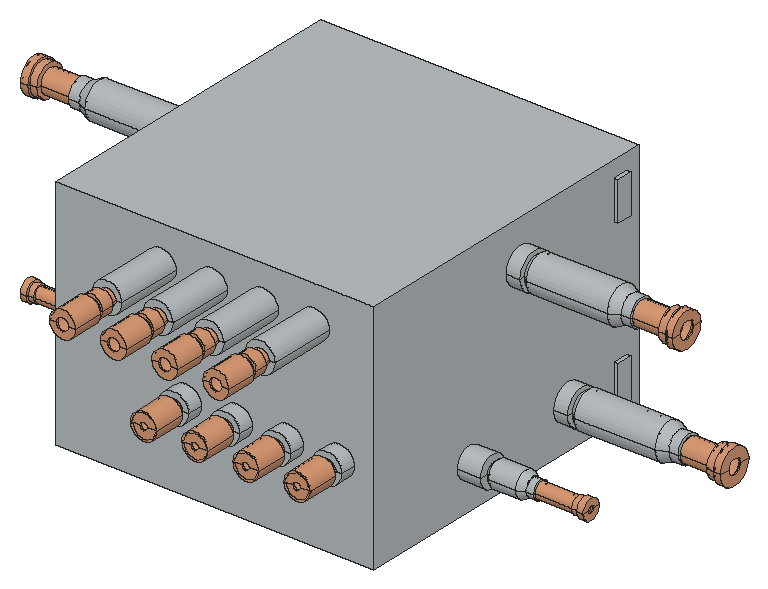
Revit family "bimlib_blokirazvetviteli_vp4_sistemamrv-5-rc_haier", category Оборудование, Revit 2020
Family settings
  Размер круглого соединителя = Использовать диаметр
  Тип детали = Нормальный
  На основе рабочей плоскости = Нет
  Всегда вертикально = Да
  При загрузке вырезать с полостями = Нет
  Общий = Нет
  Точка расчета площади = Нет
Parameters (values of type "VP4-450B_HAIER")
  Частота тока = 50 Hz
  Потребляемая мощность = 45 kW
  Отметка по умолчанию = 0.00 mm
  Изготовитель = [ADSK_Завод-изготовитель]  # "Haier Group"
  Диаметр_Жидкость_Выход = 9.52 mm  # constant formula
  Диаметр_Газ_Выход = 19.05 mm
  Диаметр_Газ_ВыскоеДавление_Выход = 22.22 mm
  Видимость_Зона обслуживания [instance] = no
  Watermark [instance] = "Модели защищены уникальным кодом"
  URL = "www.haier.com"
  Диаметр_Жидкость_Подача = 9.52 mm  # constant formula
  Диаметр_Газ_Подача = 15.88 mm  # constant formula
  HG_URL поставщика = "www.haierproff.ru"
  BL_Разработано = "support@bimlib.pro"
  BL_BIM library = "https://bimlib.pro/manufacturer/company/23806"
  ADSK_Расход жидкости [instance] = 0.0 L/s
  ADSK_Размер_Ширина = 405.00 mm  # constant formula
  ADSK_Размер_Глубина = 421.00 mm  # constant formula
  ADSK_Размер_Высота = 300.00 mm  # constant formula
  ADSK_Полная мощность = ADSK_Номинальная мощность / ADSK_Коэффициент мощности  # 45000 VA
  ADSK_Обозначение = "VP4"  # constant formula
  ADSK_Номинальная мощность = Потребляемая мощность  # 45000 W
  ADSK_Напряжение = 230 V
  ADSK_Наименование краткое = "VP4 Система MRV 5-RC"  # constant formula
  ADSK_Наименование = "Блоки-разветвители VP4 Система MRV 5-RC (с рекуперацией тепла)"  # constant formula
  ADSK_Масса = 18
  ADSK_Коэффициент мощности = 1
  ADSK_Количество фаз = 1
  ADSK_Количество = 1  # constant formula
  ADSK_Код изделия = "VP4-280B"
  ADSK_Классификация нагрузок = ОВК
  ADSK_Завод-изготовитель = "Haier Group"  # constant formula
  ADSK_Единица измерения = "шт."  # constant formula
  ADSK_Группирование = "VP4 Система MRV 5-RC"  # constant formula
  ADSK_Версия Revit = "2017"  # constant formula
  ADSK_URL страницы изделия = ""
  ADSK_URL документации изделия = ""
Reference planes
  plane 1 "По центру (Вперед/Назад)": y = 0
  plane 2 "Низ": z = -115
  plane 3 "По центру (Влево/Вправо)": x = 0
  plane 4 "слева": x = -202.5
  plane 5 "справа": x = 202.5
  plane 6 "Верх план": y = 210.5
  plane 7 "Низ план": y = -210.5
  plane 8 "верх": z = 185
  plane 9 "1": z = -58
  plane 10: x = 415
  plane 11: x = -415
  plane 12 "2": z = 131
  plane 13 "3": z = 138
  plane 14 "4": z = -6
  plane 15: x = 158.5
  plane 16: x = 93.5
  plane 17: x = 28.5
  plane 18: x = -36.5
Forms (mm)
  Extrusion 1, solid, material "BIMLIB_Маталлический_Haier", detail levels medium+fine
    sketch origin (0, 0, -115) x (1, 0, 0) y (0, 1, 0)
      loop
        line (-202.5, 210.5) -> (-202.5, -210.5) -> (202.5, -210.5) -> (202.5, 210.5) -> (-202.5, 210.5)
    from 0 to 300
  Extrusion 2, solid, material "BIMLIB_Маталлический_Haier", detail levels fine
    sketch origin (250.08, 43.029, 12.991) x (0, 0, -1) y (0, 1, 0)
      loop
        line (-152.009, 127.471) -> (-102.009, 127.471) -> (-102.009, 147.471) -> (-152.009, 147.471) -> (-152.009, 127.471)
    from -47.58 to -41.414
  Revolve 3, solid, material "BIMLIB_Медь_Haier", detail levels medium+fine
    sketch origin (0, 0, -58) x (0, 1, 0) y (-1, 0, 0)
      loop
        line (112.5, -357.369) -> (97.5, -357.369) -> (97.5, -358.369) -> (111.5, -358.369) -> (111.5, -396.726) -> (116.5, -396.726) -> (116.5, -406.726) -> (118.5, -406.726) -> (118.5, -414) -> (107.025, -414) -> (107.025, -415) -> (119.5, -415) -> (119.5, -405.726) -> (117.5, -405.726) -> (117.5, -395.726) -> (112.5, -395.726) -> (112.5, -357.369)
      axis (97.5, -357.369) -> (97.5, -415)
    angle from 0 to 360
  Revolve 4, solid, material "BIMLIB_Маталлический_Haier", detail levels medium+fine
    sketch origin (0, 0, 131) x (0, 1, 0) y (-1, 0, 0)
      loop
        line (44.429, -202.5) -> (21.5, -202.5) -> (21.5, -205.5) -> (41.429, -205.5) -> (41.429, -219.34) -> (35.762, -219.34) -> (35.762, -221.402) -> (41.429, -229.495) -> (41.429, -331.656) -> (35.717, -343.906) -> (35.717, -357.369) -> (38.717, -357.369) -> (38.717, -344.571) -> (44.429, -332.321) -> (44.429, -229.495) -> (38.762, -221.402) -> (44.429, -221.402) -> (44.429, -202.5)
      axis (21.5, -202.5) -> (21.5, -357.369)
    angle from 0 to 360
  Revolve 5, solid, material "BIMLIB_Медь_Haier", detail levels medium+fine
    sketch origin (0, 0, 131) x (0, 1, 0) y (-1, 0, 0)
      loop
        line (36.5, -357.369) -> (21.5, -357.369) -> (21.5, -358.369) -> (35.5, -358.369) -> (35.5, -396.726) -> (40.5, -396.726) -> (40.5, -406.726) -> (42.5, -406.726) -> (42.5, -413.726) -> (32.61, -413.726) -> (32.61, -415) -> (43.5, -415) -> (43.5, -405.726) -> (41.5, -405.726) -> (41.5, -395.726) -> (36.5, -395.726) -> (36.5, -357.369)
      axis (21.5, -357.369) -> (21.5, -415)
    angle from 0 to 360
  Revolve 6, solid, material "BIMLIB_Маталлический_Haier", detail levels medium+fine
    sketch origin (0, 0, -58) x (0, 1, 0) y (-1, 0, 0)
      loop
        line (120.429, -202.5) -> (97.5, -202.5) -> (97.5, -205.5) -> (117.429, -205.5) -> (117.429, -219.34) -> (111.762, -219.34) -> (111.762, -221.402) -> (117.429, -229.495) -> (117.429, -331.656) -> (111.717, -343.906) -> (111.717, -357.369) -> (114.717, -357.369) -> (114.717, -344.571) -> (120.429, -332.321) -> (120.429, -229.495) -> (114.762, -221.402) -> (120.429, -221.402) -> (120.429, -202.5)
      axis (97.5, -202.5) -> (97.5, -357.369)
    angle from 0 to 360
  Revolve 7, solid, material "BIMLIB_Маталлический_Haier", detail levels medium+fine
    sketch origin (0, 0, -58) x (0, 1, 0) y (-1, 0, 0)
      loop
        line (-40.701, -202.5) -> (-59.75, -202.5) -> (-59.75, -205.5) -> (-43.701, -205.5) -> (-43.701, -230.137) -> (-55.358, -230.137) -> (-45.895, -241.415) -> (-45.895, -274.43) -> (-49.511, -280.692) -> (-49.511, -294.457) -> (-48.511, -294.457) -> (-48.511, -284.457) -> (-43.511, -275.797) -> (-43.511, -240.797) -> (-49.939, -233.137) -> (-40.701, -233.137) -> (-40.701, -202.5)
      axis (-59.75, -202.5) -> (-59.75, -294.457)
    angle from 0 to 360
  Revolve 8, solid, material "BIMLIB_Медь_Haier", detail levels medium+fine
    sketch origin (0, 0, -58) x (0, 1, 0) y (-1, 0, 0)
      loop
        line (-50.254, -294.457) -> (-54.558, -294.457) -> (-54.558, -295.457) -> (-52.254, -295.457) -> (-52.254, -344.55) -> (-51.254, -344.55) -> (-51.254, -352.191) -> (-49.254, -352.191) -> (-49.254, -357.191) -> (-54.99, -357.191) -> (-54.99, -358.191) -> (-47.254, -358.191) -> (-47.254, -350.191) -> (-49.254, -350.191) -> (-49.254, -342.55) -> (-50.254, -342.55) -> (-50.254, -294.457)
      axis (-59.75, -294.457) -> (-59.75, -358.191)
    angle from 0 to 360
  Revolve 9, solid, material "BIMLIB_Маталлический_Haier", detail levels medium+fine
    sketch origin (0, 0, 131) x (0, 1, 0) y (1, 0, 0)
      loop
        line (44.429, -202.5) -> (21.5, -202.5) -> (21.5, -205.5) -> (41.429, -205.5) -> (41.429, -219.34) -> (35.762, -219.34) -> (35.762, -221.402) -> (41.429, -229.495) -> (41.429, -331.656) -> (35.717, -343.906) -> (35.717, -357.369) -> (38.717, -357.369) -> (38.717, -344.571) -> (44.429, -332.321) -> (44.429, -229.495) -> (38.762, -221.402) -> (44.429, -221.402) -> (44.429, -202.5)
      axis (21.5, -202.5) -> (21.5, -357.369)
    angle from 0 to 360
  Revolve 10, solid, material "BIMLIB_Маталлический_Haier", detail levels medium+fine
    sketch origin (0, 0, -58) x (0, 1, 0) y (1, 0, 0)
      loop
        line (120.429, -202.5) -> (97.5, -202.5) -> (97.5, -205.5) -> (117.429, -205.5) -> (117.429, -219.34) -> (111.762, -219.34) -> (111.762, -221.402) -> (117.429, -229.495) -> (117.429, -331.656) -> (111.717, -343.906) -> (111.717, -357.369) -> (114.717, -357.369) -> (114.717, -344.571) -> (120.429, -332.321) -> (120.429, -229.495) -> (114.762, -221.402) -> (120.429, -221.402) -> (120.429, -202.5)
      axis (97.5, -202.5) -> (97.5, -357.369)
    angle from 0 to 360
  Revolve 11, solid, material "BIMLIB_Маталлический_Haier", detail levels medium+fine
    sketch origin (0, 0, -58) x (0, 1, 0) y (1, 0, 0)
      loop
        line (-40.701, -202.5) -> (-59.75, -202.5) -> (-59.75, -205.5) -> (-43.701, -205.5) -> (-43.701, -230.137) -> (-55.358, -230.137) -> (-45.895, -241.415) -> (-45.895, -274.43) -> (-49.511, -280.692) -> (-49.511, -294.457) -> (-48.511, -294.457) -> (-48.511, -284.457) -> (-43.511, -275.797) -> (-43.511, -240.797) -> (-49.939, -233.137) -> (-40.701, -233.137) -> (-40.701, -202.5)
      axis (-59.75, -202.5) -> (-59.75, -294.457)
    angle from 0 to 360
  Extrusion 12, solid, material "BIMLIB_Маталлический_Haier", detail levels fine
    sketch origin (250.08, 43.029, 57.009) x (0, 0, 1) y (0, -1, 0)
      loop
        line (-152.009, -127.471) -> (-152.009, -147.471) -> (-102.009, -147.471) -> (-102.009, -127.471) -> (-152.009, -127.471)
    from -47.58 to -41.414
  Revolve 13, solid, material "BIMLIB_Маталлический_Haier", detail levels medium+fine
    sketch origin (0, 0, 138) x (-1, 0, 0) y (0, -1, 0)
      loop
        line (49.451, 210.962) -> (68.5, 210.962) -> (68.5, 213.962) -> (52.451, 213.962) -> (52.451, 292.44) -> (68.5, 292.44) -> (68.5, 295.962) -> (49.451, 295.962) -> (49.451, 210.962)
      axis (68.5, 210.962) -> (68.5, 295.962)
    angle from 0 to 360
  Revolve 14, solid, material "BIMLIB_Маталлический_Haier", detail levels medium+fine
    sketch origin (0, 0, 138) x (-1, 0, 0) y (0, -1, 0)
      loop
        line (-15.549, 210.962) -> (3.5, 210.962) -> (3.5, 213.962) -> (-12.549, 213.962) -> (-12.549, 292.44) -> (3.5, 292.44) -> (3.5, 295.962) -> (-15.549, 295.962) -> (-15.549, 210.962)
      axis (3.5, 210.962) -> (3.5, 295.962)
    angle from 0 to 360
  Revolve 15, solid, material "BIMLIB_Маталлический_Haier", detail levels medium+fine
    sketch origin (0, 0, 138) x (-1, 0, 0) y (0, -1, 0)
      loop
        line (-80.549, 210.962) -> (-61.5, 210.962) -> (-61.5, 213.962) -> (-77.549, 213.962) -> (-77.549, 292.44) -> (-61.5, 292.44) -> (-61.5, 295.962) -> (-80.549, 295.962) -> (-80.549, 210.962)
      axis (-61.5, 210.962) -> (-61.5, 295.962)
    angle from 0 to 360
  Revolve 16, solid, material "BIMLIB_Маталлический_Haier", detail levels medium+fine
    sketch origin (0, 0, 138) x (-1, 0, 0) y (0, -1, 0)
      loop
        line (-145.549, 210.962) -> (-126.5, 210.962) -> (-126.5, 213.962) -> (-142.549, 213.962) -> (-142.549, 292.44) -> (-126.5, 292.44) -> (-126.5, 295.962) -> (-145.549, 295.962) -> (-145.549, 210.962)
      axis (-126.5, 210.962) -> (-126.5, 295.962)
    angle from 0 to 360
  Revolve 17, solid, material "BIMLIB_Медь_Haier", detail levels medium+fine
    sketch origin (0, -85, 138) x (-1, 0, 0) y (0, -1, 0)
      loop
        line (57.857, 210.962) -> (68.5, 210.962) -> (68.5, 213.962) -> (60.857, 213.962) -> (60.857, 221.962) -> (54.857, 221.962) -> (54.857, 234.962) -> (58.857, 234.962) -> (58.857, 243.962) -> (52.857, 243.962) -> (52.857, 280.5) -> (60.56, 280.5) -> (60.56, 281.5) -> (51.857, 281.5) -> (51.857, 242.962) -> (57.857, 242.962) -> (57.857, 235.962) -> (53.857, 235.962) -> (53.857, 220.962) -> (57.857, 220.962) -> (57.857, 210.962)
      axis (68.5, 210.962) -> (68.5, 281.5)
    angle from 0 to 360
  Revolve 18, solid, material "BIMLIB_Маталлический_Haier", detail levels medium+fine
    sketch origin (267, 0, -6) x (-1, 0, 0) y (0, -1, 0)
      loop
        line (89.451, 210.962) -> (108.5, 210.962) -> (108.5, 213.962) -> (92.451, 213.962) -> (92.451, 226.25) -> (108.5, 226.25) -> (108.5, 229.946) -> (89.451, 229.946) -> (89.451, 210.962)
      axis (108.5, 210.962) -> (108.5, 229.946)
    angle from 0 to 360
  Revolve 19, solid, material "BIMLIB_Маталлический_Haier", detail levels medium+fine
    sketch origin (202, 0, -6) x (-1, 0, 0) y (0, -1, 0)
      loop
        line (89.451, 210.962) -> (108.5, 210.962) -> (108.5, 213.962) -> (92.451, 213.962) -> (92.451, 226.25) -> (108.5, 226.25) -> (108.5, 229.946) -> (89.451, 229.946) -> (89.451, 210.962)
      axis (108.5, 210.962) -> (108.5, 229.946)
    angle from 0 to 360
  Revolve 20, solid, material "BIMLIB_Маталлический_Haier", detail levels medium+fine
    sketch origin (137, 0, -6) x (-1, 0, 0) y (0, -1, 0)
      loop
        line (89.451, 210.962) -> (108.5, 210.962) -> (108.5, 213.962) -> (92.451, 213.962) -> (92.451, 226.25) -> (108.5, 226.25) -> (108.5, 229.946) -> (89.451, 229.946) -> (89.451, 210.962)
      axis (108.5, 210.962) -> (108.5, 229.946)
    angle from 0 to 360
  Revolve 21, solid, material "BIMLIB_Маталлический_Haier", detail levels medium+fine
    sketch origin (72, 0, -6) x (-1, 0, 0) y (0, -1, 0)
      loop
        line (89.451, 210.962) -> (108.5, 210.962) -> (108.5, 213.962) -> (92.451, 213.962) -> (92.451, 226.25) -> (108.5, 226.25) -> (108.5, 229.946) -> (89.451, 229.946) -> (89.451, 210.962)
      axis (108.5, 210.962) -> (108.5, 229.946)
    angle from 0 to 360
  Revolve 22, solid, material "BIMLIB_Медь_Haier", detail levels medium+fine
    sketch origin (-195, 90.016, -6) x (-1, 0, 0) y (0, -1, 0)
      loop
        line (-169.143, 319.962) -> (-168.143, 319.962) -> (-168.143, 328.962) -> (-174.143, 328.962) -> (-174.143, 366.516) -> (-163.26, 366.516) -> (-163.26, 367.516) -> (-174.143, 367.516) -> (-175.143, 367.516) -> (-175.143, 327.962) -> (-169.143, 327.962) -> (-169.143, 319.962)
      axis (-158.5, 319.962) -> (-158.5, 367.516)
    angle from 0 to 360
  Revolve 23, solid, material "BIMLIB_Медь_Haier", detail levels medium+fine
    sketch origin (65, -85, 138) x (-1, 0, 0) y (0, -1, 0)
      loop
        line (57.857, 210.962) -> (68.5, 210.962) -> (68.5, 213.962) -> (60.857, 213.962) -> (60.857, 221.962) -> (54.857, 221.962) -> (54.857, 234.962) -> (58.857, 234.962) -> (58.857, 243.962) -> (52.857, 243.962) -> (52.857, 280.5) -> (60.56, 280.5) -> (60.56, 281.5) -> (51.857, 281.5) -> (51.857, 242.962) -> (57.857, 242.962) -> (57.857, 235.962) -> (53.857, 235.962) -> (53.857, 220.962) -> (57.857, 220.962) -> (57.857, 210.962)
      axis (68.5, 210.962) -> (68.5, 281.5)
    angle from 0 to 360
  Revolve 24, solid, material "BIMLIB_Медь_Haier", detail levels medium+fine
    sketch origin (130, -85, 138) x (-1, 0, 0) y (0, -1, 0)
      loop
        line (57.857, 210.962) -> (68.5, 210.962) -> (68.5, 213.962) -> (60.857, 213.962) -> (60.857, 221.962) -> (54.857, 221.962) -> (54.857, 234.962) -> (58.857, 234.962) -> (58.857, 243.962) -> (52.857, 243.962) -> (52.857, 280.5) -> (60.56, 280.5) -> (60.56, 281.5) -> (51.857, 281.5) -> (51.857, 242.962) -> (57.857, 242.962) -> (57.857, 235.962) -> (53.857, 235.962) -> (53.857, 220.962) -> (57.857, 220.962) -> (57.857, 210.962)
      axis (68.5, 210.962) -> (68.5, 281.5)
    angle from 0 to 360
  Revolve 25, solid, material "BIMLIB_Медь_Haier", detail levels medium+fine
    sketch origin (195, -85, 138) x (-1, 0, 0) y (0, -1, 0)
      loop
        line (57.857, 210.962) -> (68.5, 210.962) -> (68.5, 213.962) -> (60.857, 213.962) -> (60.857, 221.962) -> (54.857, 221.962) -> (54.857, 234.962) -> (58.857, 234.962) -> (58.857, 243.962) -> (52.857, 243.962) -> (52.857, 280.5) -> (60.56, 280.5) -> (60.56, 281.5) -> (51.857, 281.5) -> (51.857, 242.962) -> (57.857, 242.962) -> (57.857, 235.962) -> (53.857, 235.962) -> (53.857, 220.962) -> (57.857, 220.962) -> (57.857, 210.962)
      axis (68.5, 210.962) -> (68.5, 281.5)
    angle from 0 to 360
  Revolve 26, solid, material "BIMLIB_Медь_Haier", detail levels medium+fine
    sketch origin (-130, 90.016, -6) x (-1, 0, 0) y (0, -1, 0)
      loop
        line (-169.143, 319.962) -> (-168.143, 319.962) -> (-168.143, 328.962) -> (-174.143, 328.962) -> (-174.143, 366.516) -> (-163.26, 366.516) -> (-163.26, 367.516) -> (-174.143, 367.516) -> (-175.143, 367.516) -> (-175.143, 327.962) -> (-169.143, 327.962) -> (-169.143, 319.962)
      axis (-158.5, 319.962) -> (-158.5, 367.516)
    angle from 0 to 360
  Revolve 27, solid, material "BIMLIB_Медь_Haier", detail levels medium+fine
    sketch origin (-65, 90.016, -6) x (-1, 0, 0) y (0, -1, 0)
      loop
        line (-169.143, 319.962) -> (-168.143, 319.962) -> (-168.143, 328.962) -> (-174.143, 328.962) -> (-174.143, 366.516) -> (-163.26, 366.516) -> (-163.26, 367.516) -> (-174.143, 367.516) -> (-175.143, 367.516) -> (-175.143, 327.962) -> (-169.143, 327.962) -> (-169.143, 319.962)
      axis (-158.5, 319.962) -> (-158.5, 367.516)
    angle from 0 to 360
  Revolve 28, solid, material "BIMLIB_Медь_Haier", detail levels medium+fine
    sketch origin (0, 90.016, -6) x (-1, 0, 0) y (0, -1, 0)
      loop
        line (-169.143, 319.962) -> (-168.143, 319.962) -> (-168.143, 328.962) -> (-174.143, 328.962) -> (-174.143, 366.516) -> (-163.26, 366.516) -> (-163.26, 367.516) -> (-174.143, 367.516) -> (-175.143, 367.516) -> (-175.143, 327.962) -> (-169.143, 327.962) -> (-169.143, 319.962)
      axis (-158.5, 319.962) -> (-158.5, 367.516)
    angle from 0 to 360
  Revolve 29, solid, material "BIMLIB_Медь_Haier", detail levels medium+fine
    sketch origin (0, 0, -58) x (0, 1, 0) y (1, 0, 0)
      loop
        line (112.5, -357.369) -> (97.5, -357.369) -> (97.5, -358.369) -> (111.5, -358.369) -> (111.5, -396.726) -> (116.5, -396.726) -> (116.5, -406.726) -> (118.5, -406.726) -> (118.5, -414) -> (107.025, -414) -> (107.025, -415) -> (119.5, -415) -> (119.5, -405.726) -> (117.5, -405.726) -> (117.5, -395.726) -> (112.5, -395.726) -> (112.5, -357.369)
      axis (97.5, -357.369) -> (97.5, -415)
    angle from 0 to 360
  Revolve 30, solid, material "BIMLIB_Медь_Haier", detail levels medium+fine
    sketch origin (0, 0, 131) x (0, 1, 0) y (1, 0, 0)
      loop
        line (36.5, -357.369) -> (21.5, -357.369) -> (21.5, -358.369) -> (35.5, -358.369) -> (35.5, -396.726) -> (40.5, -396.726) -> (40.5, -406.726) -> (42.5, -406.726) -> (42.5, -413.726) -> (32.61, -413.726) -> (32.61, -415) -> (43.5, -415) -> (43.5, -405.726) -> (41.5, -405.726) -> (41.5, -395.726) -> (36.5, -395.726) -> (36.5, -357.369)
      axis (21.5, -357.369) -> (21.5, -415)
    angle from 0 to 360
  Revolve 31, solid, material "BIMLIB_Медь_Haier", detail levels medium+fine
    sketch origin (0, 0, -58) x (0, 1, 0) y (1, 0, 0)
      loop
        line (-50.254, -294.457) -> (-54.558, -294.457) -> (-54.558, -295.457) -> (-52.254, -295.457) -> (-52.254, -344.55) -> (-51.254, -344.55) -> (-51.254, -352.191) -> (-49.254, -352.191) -> (-49.254, -357.191) -> (-54.99, -357.191) -> (-54.99, -358.191) -> (-47.254, -358.191) -> (-47.254, -350.191) -> (-49.254, -350.191) -> (-49.254, -342.55) -> (-50.254, -342.55) -> (-50.254, -294.457)
      axis (-59.75, -294.457) -> (-59.75, -358.191)
    angle from 0 to 360
Lines and regions (mm)
  Masking region 1, detail levels coarse
    outline origin (91.772, 131.064, -115) x (1, 0, 0) y (0, 1, 0)
      loop
        line (-294.272, 79.436) -> (-294.272, -341.564) -> (110.728, -341.564) -> (110.728, 79.436) -> (-294.272, 79.436)
  symbolic lines, style "УГО"
    curve 1: line (-202.5, 210.5, -115) -> (202.5, 210.5, -115)
    curve 2: line (202.5, 210.5, -115) -> (202.5, -210.5, -115)
    curve 3: line (202.5, -210.5, -115) -> (-202.5, -210.5, -115)
    curve 4: line (-202.5, -210.5, -115) -> (-202.5, 210.5, -115)
  model lines, style "УГО", detail levels coarse
    curve 5: line (202.5, 210.5, 185) -> (202.5, -210.5, 185)
    curve 6: line (202.5, -210.5, 185) -> (202.5, -210.5, -115)
    curve 7: line (202.5, -210.5, -115) -> (202.5, 210.5, -115)
    curve 8: line (202.5, 210.5, -115) -> (202.5, 210.5, 185)
    curve 9: line (-202.5, -210.5, 185) -> (-202.5, 210.5, 185)
    curve 10: line (-202.5, 210.5, 185) -> (-202.5, 210.5, -115)
    curve 11: line (-202.5, 210.5, -115) -> (-202.5, -210.5, -115)
    curve 12: line (-202.5, -210.5, -115) -> (-202.5, -210.5, 185)
    curve 13: line (202.5, 210.5, 185) -> (-202.5, 210.5, 185)
    curve 14: line (-202.5, -210.5, 185) -> (202.5, -210.5, 185)
    curve 15: line (-202.5, 210.5, -115) -> (202.5, 210.5, -115)
    curve 16: line (202.5, -210.5, -115) -> (-202.5, -210.5, -115)
Dimensions and locks
  "ADSK_Размер_Ширина": plane 4 "слева" to plane 5 "справа"
  equal spacing: plane 6 "Верх план", plane 1 "По центру (Вперед/Назад)", plane 7 "Низ план"
  "ADSK_Размер_Глубина": plane 6 "Верх план" to plane 7 "Низ план"
  "ADSK_Размер_Высота": level to plane 8 "верх"
  equal spacing: plane 4 "слева", plane 3 "По центру (Влево/Вправо)", plane 5 "справа"
  plane 9 "1" to level = 57.00 mm
  locked: plane 11 to plane 10 at 830
  Extrusion 2 sketch curve to Extrusion 2 sketch curve = 20.00 mm
  Extrusion 12 sketch curve to Extrusion 12 sketch curve = 20.00 mm
  plane 13 "3" to level = 253.00 mm
  plane 14 "4" to level = 109.00 mm
  Revolve 17 to Extrusion 1 = 155.00 mm
  plane 15 to plane 5 "справа" = 44.00 mm
  plane 16 to plane 15 = 65.00 mm
  plane 17 to plane 16 = 65.00 mm
  plane 18 to plane 17 = 65.00 mm
  aligned and locked: level to plane 2 "Низ"
  aligned and locked: plane 3 "По центру (Влево/Вправо)" to nested 1
  aligned and locked: plane 1 "По центру (Вперед/Назад)" to nested 1
  aligned and locked: plane 4 "слева" to curve 4
  aligned and locked: Masking region 1 to plane 4 "слева"
  aligned and locked: curve 1 to plane 6 "Верх план"
  aligned and locked: curve 2 to plane 5 "справа"
  aligned and locked: plane 5 "справа" to Masking region 1
  aligned and locked: plane 7 "Низ план" to curve 3
  aligned and locked: Masking region 1 to plane 7 "Низ план"
  aligned and locked: Extrusion 1 to level
  aligned and locked: plane 8 "верх" to Extrusion 1
  aligned and locked: plane 6 "Верх план" to Masking region 1
  aligned and locked: Extrusion 1 to plane 7 "Низ план"
  aligned and locked: plane 6 "Верх план" to Extrusion 1
  aligned and locked: Extrusion 1 to plane 4 "слева"
  aligned and locked: plane 5 "справа" to Extrusion 1
  aligned and locked: nested 16 to level
  aligned and locked: nested 16 to plane 3 "По центру (Влево/Вправо)"
Automatic sketch dimensions
  Masking region 1 sketch curve to plane 4 "слева" = 0.00 mm
  Masking region 1 sketch curve to plane 5 "справа" = 0.00 mm
  Masking region 1 sketch curve to plane 7 "Низ план" = 0.00 mm
  Masking region 1 sketch curve to plane 6 "Верх план" = 0.00 mm
  curve 13 to plane 4 "слева" = 0.00 mm
  curve 14 to plane 4 "слева" = 0.00 mm
  curve 14 to plane 5 "справа" = 0.00 mm
  curve 13 to plane 5 "справа" = 0.00 mm
  curve 14 to plane 7 "Низ план" = 0.00 mm
  curve 13 to plane 6 "Верх план" = 0.00 mm
  curve 16 to plane 4 "слева" = 0.00 mm
  curve 15 to plane 4 "слева" = 0.00 mm
  curve 16 to plane 5 "справа" = 0.00 mm
  curve 15 to plane 5 "справа" = 0.00 mm
  curve 16 to plane 7 "Низ план" = 0.00 mm
  curve 15 to plane 6 "Верх план" = 0.00 mm
  curve 12 to plane 7 "Низ план" = 0.00 mm
  curve 11 to level = 0.00 mm
  curve 11 to plane 6 "Верх план" = 0.00 mm
  curve 10 to plane 8 "верх" = 0.00 mm
  curve 5 to plane 7 "Низ план" = 0.00 mm
  curve 7 to level = 0.00 mm
  curve 7 to plane 6 "Верх план" = 0.00 mm
  curve 6 to plane 8 "верх" = 0.00 mm
  Extrusion 1 sketch curve to plane 4 "слева" = 0.00 mm
  Extrusion 1 sketch curve to plane 5 "справа" = 0.00 mm
  Extrusion 1 sketch curve to plane 7 "Низ план" = 0.00 mm
  Extrusion 1 sketch curve to plane 6 "Верх план" = 0.00 mm
  Extrusion 2 sketch curve to plane 8 "верх" = 20.00 mm
  Extrusion 2 sketch curve to plane 12 "2" = 16.00 mm
  Extrusion 2 sketch curve to plane 6 "Верх план" = 40.00 mm
  Revolve 3 sketch curve to plane 10 = 0.00 mm
  Revolve 3 sketch curve to plane 1 "По центру (Вперед/Назад)" = 97.50 mm
  Revolve 3 sketch curve to Revolve 3 sketch curve = 9.525 mm  (x2)
  Revolve 3 sketch curve to Revolve 3 sketch curve = 14.00 mm
  Revolve 3 sketch curve to Revolve 3 sketch curve = 1.00 mm  (x7)
  Revolve 3 sketch curve to Revolve 3 sketch curve = 4.00 mm
  Revolve 3 sketch curve to plane 10 = 1.00 mm
  Revolve 3 sketch curve to Revolve 3 sketch curve = 7.274 mm
  Revolve 3 sketch curve to Revolve 3 sketch curve = 9.00 mm
  Revolve 3 sketch curve to Revolve 3 sketch curve = 37.358 mm
  plane 10 to Revolve 3 sketch curve = 62.50 mm
  Revolve 3 sketch curve to Revolve 3 sketch curve = 9.131 mm
  Revolve 4 sketch curve to plane 5 "справа" = 0.00 mm  (x2)
  Revolve 4 sketch curve to plane 1 "По центру (Вперед/Назад)" = 21.50 mm
  Revolve 4 sketch curve to plane 1 "По центру (Вперед/Назад)" = 35.717 mm
  Revolve 4 sketch curve to Revolve 4 sketch curve = 14.262 mm
  Revolve 4 sketch curve to Revolve 4 sketch curve = 3.00 mm  (x4)
  Revolve 4 sketch curve to Revolve 4 sketch curve = 2.667 mm  (x2)
  plane 5 "справа" to Revolve 4 sketch curve = 3.00 mm
  Revolve 4 sketch curve to Revolve 4 sketch curve = 13.84 mm
  Revolve 4 sketch curve to Revolve 4 sketch curve = 2.062 mm  (x2)
  Revolve 4 sketch curve to Revolve 4 sketch curve = 8.093 mm
  Revolve 4 sketch curve to Revolve 4 sketch curve = 0.00 mm  (x2)
  Revolve 4 sketch curve to plane 10 = 83.344 mm
  Revolve 4 sketch curve to Revolve 4 sketch curve = 0.665 mm  (x2)
  Revolve 4 sketch curve to Revolve 4 sketch curve = 12.25 mm
  Revolve 4 sketch curve to Revolve 4 sketch curve = 12.798 mm
  Revolve 4 sketch curve to Revolve 4 sketch curve = 19.156 mm
  Revolve 5 sketch curve to plane 10 = 0.00 mm
  Revolve 5 sketch curve to plane 1 "По центру (Вперед/Назад)" = 21.50 mm  (x2)
  Revolve 5 sketch curve to plane 1 "По центру (Вперед/Назад)" = 32.61 mm
  Revolve 5 sketch curve to Revolve 5 sketch curve = 14.00 mm
  Revolve 5 sketch curve to Revolve 5 sketch curve = 1.00 mm  (x7)
  Revolve 5 sketch curve to Revolve 5 sketch curve = 4.00 mm
  Revolve 5 sketch curve to plane 10 = 1.274 mm
  Revolve 5 sketch curve to Revolve 5 sketch curve = 7.00 mm
  Revolve 5 sketch curve to Revolve 5 sketch curve = 9.00 mm
  Revolve 5 sketch curve to Revolve 5 sketch curve = 37.358 mm
  plane 10 to Revolve 5 sketch curve = 62.50 mm
  Revolve 5 sketch curve to Revolve 5 sketch curve = 9.131 mm
  Revolve 6 sketch curve to plane 5 "справа" = 0.00 mm  (x2)
  Revolve 6 sketch curve to plane 1 "По центру (Вперед/Назад)" = 97.50 mm
  Revolve 6 sketch curve to plane 6 "Верх план" = 98.783 mm
  Revolve 6 sketch curve to Revolve 6 sketch curve = 14.262 mm
  Revolve 6 sketch curve to Revolve 6 sketch curve = 3.00 mm  (x4)
  Revolve 6 sketch curve to Revolve 6 sketch curve = 2.667 mm  (x2)
  plane 5 "справа" to Revolve 6 sketch curve = 3.00 mm
  Revolve 6 sketch curve to Revolve 6 sketch curve = 13.84 mm
  Revolve 6 sketch curve to Revolve 6 sketch curve = 2.062 mm  (x2)
  Revolve 6 sketch curve to Revolve 6 sketch curve = 8.093 mm
  Revolve 6 sketch curve to Revolve 6 sketch curve = 0.00 mm  (x2)
  Revolve 6 sketch curve to plane 10 = 83.344 mm
  Revolve 6 sketch curve to Revolve 6 sketch curve = 0.665 mm  (x2)
  Revolve 6 sketch curve to Revolve 6 sketch curve = 12.25 mm
  Revolve 6 sketch curve to Revolve 6 sketch curve = 12.798 mm
  Revolve 6 sketch curve to Revolve 6 sketch curve = 19.156 mm
  Revolve 7 sketch curve to plane 5 "справа" = 0.00 mm  (x2)
  plane 1 "По центру (Вперед/Назад)" to Revolve 7 sketch curve = 59.75 mm
  Revolve 7 sketch curve to Revolve 7 sketch curve = 4.392 mm
  Revolve 7 sketch curve to Revolve 7 sketch curve = 5.42 mm
  Revolve 7 sketch curve to Revolve 7 sketch curve = 0.428 mm
  Revolve 7 sketch curve to Revolve 7 sketch curve = 1.00 mm
  Revolve 7 sketch curve to Revolve 7 sketch curve = 4.044 mm
  Revolve 7 sketch curve to Revolve 7 sketch curve = 6.238 mm
  Revolve 7 sketch curve to Revolve 7 sketch curve = 2.384 mm
  Revolve 7 sketch curve to Revolve 7 sketch curve = 3.00 mm  (x2)
  plane 5 "справа" to Revolve 7 sketch curve = 3.00 mm
  Revolve 7 sketch curve to Revolve 7 sketch curve = 24.637 mm
  Revolve 7 sketch curve to Revolve 7 sketch curve = 7.66 mm
  Revolve 7 sketch curve to Revolve 7 sketch curve = 0.618 mm
  Revolve 7 sketch curve to Revolve 7 sketch curve = 33.015 mm
  Revolve 7 sketch curve to Revolve 7 sketch curve = 1.367 mm
  Revolve 7 sketch curve to Revolve 7 sketch curve = 6.263 mm
  Revolve 7 sketch curve to Revolve 7 sketch curve = 3.765 mm
  Revolve 7 sketch curve to Revolve 7 sketch curve = 10.00 mm
  Revolve 7 sketch curve to Revolve 7 sketch curve = 10.239 mm
  Revolve 7 sketch curve to Revolve 7 sketch curve = 18.043 mm
  plane 1 "По центру (Вперед/Назад)" to Revolve 8 sketch curve = 54.99 mm
  plane 1 "По центру (Вперед/Назад)" to Revolve 8 sketch curve = 54.558 mm
  Revolve 8 sketch curve to Revolve 8 sketch curve = 2.304 mm
  Revolve 8 sketch curve to Revolve 8 sketch curve = 1.00 mm  (x4)
  Revolve 8 sketch curve to Revolve 8 sketch curve = 2.00 mm  (x5)
  Revolve 8 sketch curve to plane 10 = 56.809 mm
  Revolve 8 sketch curve to Revolve 8 sketch curve = 5.00 mm
  Revolve 8 sketch curve to Revolve 8 sketch curve = 5.641 mm
  Revolve 8 sketch curve to Revolve 8 sketch curve = 47.093 mm
  Revolve 8 sketch curve to Revolve 8 sketch curve = 5.192 mm
  Revolve 8 sketch curve to Revolve 8 sketch curve = 9.119 mm
  Revolve 8 sketch curve to Revolve 8 sketch curve = 0.00 mm
  Revolve 9 sketch curve to plane 4 "слева" = 0.00 mm  (x2)
  plane 1 "По центру (Вперед/Назад)" to Revolve 9 sketch curve = 21.50 mm
  plane 1 "По центру (Вперед/Назад)" to Revolve 9 sketch curve = 35.717 mm
  Revolve 9 sketch curve to Revolve 9 sketch curve = 14.262 mm
  Revolve 9 sketch curve to Revolve 9 sketch curve = 3.00 mm  (x4)
  Revolve 9 sketch curve to Revolve 9 sketch curve = 2.667 mm  (x2)
  plane 4 "слева" to Revolve 9 sketch curve = 3.00 mm
  Revolve 9 sketch curve to Revolve 9 sketch curve = 13.84 mm
  Revolve 9 sketch curve to Revolve 9 sketch curve = 2.062 mm  (x2)
  Revolve 9 sketch curve to Revolve 9 sketch curve = 8.093 mm
  Revolve 9 sketch curve to Revolve 9 sketch curve = 0.00 mm  (x2)
  Revolve 9 sketch curve to plane 11 = 83.344 mm
  Revolve 9 sketch curve to Revolve 9 sketch curve = 0.665 mm  (x2)
  Revolve 9 sketch curve to Revolve 9 sketch curve = 12.25 mm
  Revolve 9 sketch curve to Revolve 9 sketch curve = 12.798 mm
  Revolve 9 sketch curve to Revolve 9 sketch curve = 19.156 mm
  Revolve 10 sketch curve to plane 4 "слева" = 0.00 mm  (x2)
  plane 1 "По центру (Вперед/Назад)" to Revolve 10 sketch curve = 97.50 mm
  plane 6 "Верх план" to Revolve 10 sketch curve = 98.783 mm
  Revolve 10 sketch curve to Revolve 10 sketch curve = 14.262 mm
  Revolve 10 sketch curve to Revolve 10 sketch curve = 3.00 mm  (x4)
  Revolve 10 sketch curve to Revolve 10 sketch curve = 2.667 mm  (x2)
  plane 4 "слева" to Revolve 10 sketch curve = 3.00 mm
  Revolve 10 sketch curve to Revolve 10 sketch curve = 13.84 mm
  Revolve 10 sketch curve to Revolve 10 sketch curve = 2.062 mm  (x2)
  Revolve 10 sketch curve to Revolve 10 sketch curve = 8.093 mm
  Revolve 10 sketch curve to Revolve 10 sketch curve = 0.00 mm  (x2)
  Revolve 10 sketch curve to plane 11 = 83.344 mm
  Revolve 10 sketch curve to Revolve 10 sketch curve = 0.665 mm  (x2)
  Revolve 10 sketch curve to Revolve 10 sketch curve = 12.25 mm
  Revolve 10 sketch curve to Revolve 10 sketch curve = 12.798 mm
  Revolve 10 sketch curve to Revolve 10 sketch curve = 19.156 mm
  Revolve 11 sketch curve to plane 4 "слева" = 0.00 mm  (x2)
  Revolve 11 sketch curve to plane 1 "По центру (Вперед/Назад)" = 59.75 mm
  Revolve 11 sketch curve to Revolve 11 sketch curve = 4.392 mm
  Revolve 11 sketch curve to Revolve 11 sketch curve = 5.42 mm
  Revolve 11 sketch curve to Revolve 11 sketch curve = 0.428 mm
  Revolve 11 sketch curve to Revolve 11 sketch curve = 1.00 mm
  Revolve 11 sketch curve to Revolve 11 sketch curve = 4.044 mm
  Revolve 11 sketch curve to Revolve 11 sketch curve = 6.238 mm
  Revolve 11 sketch curve to Revolve 11 sketch curve = 2.384 mm
  Revolve 11 sketch curve to Revolve 11 sketch curve = 3.00 mm  (x2)
  plane 4 "слева" to Revolve 11 sketch curve = 3.00 mm
  Revolve 11 sketch curve to Revolve 11 sketch curve = 24.637 mm
  Revolve 11 sketch curve to Revolve 11 sketch curve = 7.66 mm
  Revolve 11 sketch curve to Revolve 11 sketch curve = 0.618 mm
  Revolve 11 sketch curve to Revolve 11 sketch curve = 33.015 mm
  Revolve 11 sketch curve to Revolve 11 sketch curve = 1.367 mm
  Revolve 11 sketch curve to Revolve 11 sketch curve = 6.263 mm
  Revolve 11 sketch curve to Revolve 11 sketch curve = 3.765 mm
  Revolve 11 sketch curve to Revolve 11 sketch curve = 10.00 mm
  Revolve 11 sketch curve to Revolve 11 sketch curve = 10.239 mm
  Revolve 11 sketch curve to Revolve 11 sketch curve = 18.043 mm
  level to Extrusion 12 sketch curve = 20.00 mm
  plane 9 "1" to Extrusion 12 sketch curve = 13.00 mm
  Extrusion 12 sketch curve to plane 6 "Верх план" = 20.00 mm
  Revolve 13 sketch curve to plane 7 "Низ план" = 0.462 mm
  Revolve 13 sketch curve to plane 18 = 12.951 mm
  Revolve 13 sketch curve to Revolve 13 sketch curve = 3.00 mm  (x2)
  Revolve 13 sketch curve to Revolve 13 sketch curve = 16.049 mm  (x2)
  Revolve 13 sketch curve to Revolve 13 sketch curve = 78.478 mm
  Revolve 13 sketch curve to Revolve 13 sketch curve = 3.522 mm
  Revolve 13 sketch curve to Revolve 13 sketch curve = 0.00 mm  (x2)
  Revolve 13 sketch curve to Revolve 13 sketch curve = 25.00 mm
  Revolve 14 sketch curve to plane 7 "Низ план" = 0.462 mm
  Revolve 14 sketch curve to plane 17 = 12.951 mm
  Revolve 14 sketch curve to Revolve 14 sketch curve = 3.00 mm  (x2)
  Revolve 14 sketch curve to plane 3 "По центру (Влево/Вправо)" = 3.50 mm  (x3)
  Revolve 14 sketch curve to Revolve 14 sketch curve = 78.478 mm
  Revolve 14 sketch curve to Revolve 14 sketch curve = 3.522 mm
  Revolve 14 sketch curve to Revolve 14 sketch curve = 0.00 mm
  Revolve 14 sketch curve to Revolve 14 sketch curve = 25.00 mm
  Revolve 15 sketch curve to plane 7 "Низ план" = 0.462 mm
  Revolve 15 sketch curve to plane 16 = 12.951 mm
  Revolve 15 sketch curve to Revolve 15 sketch curve = 3.00 mm  (x2)
  Revolve 15 sketch curve to Revolve 15 sketch curve = 16.049 mm  (x2)
  Revolve 15 sketch curve to Revolve 15 sketch curve = 78.478 mm
  Revolve 15 sketch curve to Revolve 15 sketch curve = 3.522 mm
  Revolve 15 sketch curve to Revolve 15 sketch curve = 0.00 mm  (x2)
  Revolve 15 sketch curve to Revolve 15 sketch curve = 25.00 mm
  Revolve 16 sketch curve to plane 7 "Низ план" = 0.462 mm
  Revolve 16 sketch curve to plane 15 = 12.951 mm
  Revolve 16 sketch curve to Revolve 16 sketch curve = 3.00 mm  (x2)
  Revolve 16 sketch curve to Revolve 16 sketch curve = 16.049 mm  (x2)
  Revolve 16 sketch curve to Revolve 16 sketch curve = 78.478 mm
  Revolve 16 sketch curve to Revolve 16 sketch curve = 3.522 mm
  Revolve 16 sketch curve to Revolve 16 sketch curve = 0.00 mm  (x2)
  Revolve 16 sketch curve to Revolve 16 sketch curve = 25.00 mm
  Revolve 17 sketch curve to plane 18 = 15.357 mm
  Revolve 17 sketch curve to Revolve 17 sketch curve = 1.00 mm  (x7)
  Revolve 17 sketch curve to plane 18 = 17.357 mm
  Revolve 17 sketch curve to Revolve 17 sketch curve = 4.00 mm
  Revolve 17 sketch curve to Revolve 17 sketch curve = 3.00 mm  (x3)
  Revolve 17 sketch curve to Revolve 17 sketch curve = 7.703 mm
  Revolve 17 sketch curve to Revolve 17 sketch curve = 7.643 mm
  Revolve 17 sketch curve to plane 7 "Низ план" = 85.462 mm
  Revolve 17 sketch curve to Revolve 17 sketch curve = 7.00 mm  (x2)
  Revolve 17 sketch curve to Revolve 17 sketch curve = 13.00 mm
  Revolve 17 sketch curve to Revolve 17 sketch curve = 36.538 mm
  Revolve 17 sketch curve to plane 18 = 32.00 mm
  Revolve 17 sketch curve to Revolve 17 sketch curve = 0.00 mm
  Revolve 17 sketch curve to Revolve 17 sketch curve = 39.462 mm
  Revolve 18 sketch curve to plane 15 = 0.00 mm  (x3)
  plane 15 to Revolve 18 sketch curve = 16.049 mm
  Revolve 18 sketch curve to Revolve 18 sketch curve = 3.00 mm  (x2)
  Revolve 18 sketch curve to plane 7 "Низ план" = 0.462 mm
  Revolve 18 sketch curve to Revolve 18 sketch curve = 12.288 mm
  Revolve 18 sketch curve to Revolve 18 sketch curve = 3.696 mm
  Revolve 18 sketch curve to Revolve 18 sketch curve = 0.00 mm
  Revolve 18 sketch curve to Revolve 18 sketch curve = 91.016 mm
  Revolve 19 sketch curve to plane 16 = 0.00 mm  (x3)
  plane 16 to Revolve 19 sketch curve = 16.049 mm
  Revolve 19 sketch curve to Revolve 19 sketch curve = 3.00 mm  (x2)
  Revolve 19 sketch curve to plane 7 "Низ план" = 0.462 mm
  Revolve 19 sketch curve to Revolve 19 sketch curve = 12.288 mm
  Revolve 19 sketch curve to Revolve 19 sketch curve = 3.696 mm
  Revolve 19 sketch curve to Revolve 19 sketch curve = 0.00 mm
  Revolve 19 sketch curve to Revolve 19 sketch curve = 91.016 mm
  Revolve 20 sketch curve to plane 17 = 0.00 mm  (x3)
  plane 17 to Revolve 20 sketch curve = 16.049 mm
  Revolve 20 sketch curve to Revolve 20 sketch curve = 3.00 mm  (x2)
  Revolve 20 sketch curve to plane 7 "Низ план" = 0.462 mm
  Revolve 20 sketch curve to Revolve 20 sketch curve = 12.288 mm
  Revolve 20 sketch curve to Revolve 20 sketch curve = 3.696 mm
  Revolve 20 sketch curve to Revolve 20 sketch curve = 0.00 mm
  Revolve 20 sketch curve to Revolve 20 sketch curve = 91.016 mm
  Revolve 21 sketch curve to plane 18 = 0.00 mm  (x3)
  plane 18 to Revolve 21 sketch curve = 16.049 mm
  Revolve 21 sketch curve to Revolve 21 sketch curve = 3.00 mm  (x2)
  Revolve 21 sketch curve to plane 7 "Низ план" = 0.462 mm
  Revolve 21 sketch curve to Revolve 21 sketch curve = 12.288 mm
  Revolve 21 sketch curve to Revolve 21 sketch curve = 3.696 mm
  Revolve 21 sketch curve to Revolve 21 sketch curve = 0.00 mm
  Revolve 21 sketch curve to Revolve 21 sketch curve = 91.016 mm
  Revolve 22 sketch curve to plane 18 = 0.00 mm
  plane 18 to Revolve 22 sketch curve = 4.76 mm
  plane 18 to Revolve 22 sketch curve = 9.643 mm
  Revolve 22 sketch curve to Revolve 22 sketch curve = 1.00 mm  (x4)
  Revolve 22 sketch curve to Revolve 22 sketch curve = 10.883 mm
  Revolve 22 sketch curve to Revolve 22 sketch curve = 0.00 mm
  Revolve 22 sketch curve to plane 7 "Низ план" = 19.446 mm
  Revolve 22 sketch curve to Revolve 22 sketch curve = 8.00 mm
  Revolve 22 sketch curve to Revolve 22 sketch curve = 37.554 mm
  plane 7 "Низ план" to Revolve 22 sketch curve = 4.554 mm
  Revolve 22 sketch curve to Revolve 22 sketch curve = 38.446 mm
  plane 3 "По центру (Влево/Вправо)" to Revolve 23 sketch curve = 13.143 mm
  Revolve 23 sketch curve to Revolve 23 sketch curve = 1.00 mm  (x7)
  plane 3 "По центру (Влево/Вправо)" to Revolve 23 sketch curve = 11.143 mm
  plane 3 "По центру (Влево/Вправо)" to Revolve 23 sketch curve = 7.143 mm
  Revolve 23 sketch curve to Revolve 23 sketch curve = 3.00 mm  (x2)
  plane 3 "По центру (Влево/Вправо)" to Revolve 23 sketch curve = 4.44 mm
  plane 3 "По центру (Влево/Вправо)" to Revolve 23 sketch curve = 4.143 mm
  Revolve 23 sketch curve to plane 3 "По центру (Влево/Вправо)" = 3.50 mm  (x2)
  Revolve 23 sketch curve to plane 7 "Низ план" = 85.462 mm
  Revolve 23 sketch curve to Revolve 23 sketch curve = 7.00 mm  (x2)
  Revolve 23 sketch curve to Revolve 23 sketch curve = 13.00 mm
  Revolve 23 sketch curve to Revolve 23 sketch curve = 36.538 mm
  Revolve 23 sketch curve to Revolve 23 sketch curve = 0.00 mm
  Revolve 23 sketch curve to Revolve 23 sketch curve = 39.462 mm
  Revolve 24 sketch curve to plane 16 = 15.357 mm
  Revolve 24 sketch curve to Revolve 24 sketch curve = 1.00 mm  (x7)
  Revolve 24 sketch curve to plane 16 = 17.357 mm
  Revolve 24 sketch curve to Revolve 24 sketch curve = 4.00 mm
  Revolve 24 sketch curve to Revolve 24 sketch curve = 3.00 mm  (x3)
  Revolve 24 sketch curve to Revolve 24 sketch curve = 7.703 mm
  Revolve 24 sketch curve to Revolve 24 sketch curve = 7.643 mm
  Revolve 24 sketch curve to plane 7 "Низ план" = 85.462 mm
  Revolve 24 sketch curve to Revolve 24 sketch curve = 7.00 mm  (x2)
  Revolve 24 sketch curve to Revolve 24 sketch curve = 13.00 mm
  Revolve 24 sketch curve to Revolve 24 sketch curve = 36.538 mm
  Revolve 24 sketch curve to plane 16 = 32.00 mm
  Revolve 24 sketch curve to Revolve 24 sketch curve = 0.00 mm
  Revolve 24 sketch curve to Revolve 24 sketch curve = 39.462 mm
  Revolve 25 sketch curve to plane 15 = 15.357 mm
  Revolve 25 sketch curve to Revolve 25 sketch curve = 1.00 mm  (x7)
  Revolve 25 sketch curve to plane 15 = 17.357 mm
  Revolve 25 sketch curve to Revolve 25 sketch curve = 4.00 mm
  Revolve 25 sketch curve to Revolve 25 sketch curve = 3.00 mm  (x3)
  Revolve 25 sketch curve to Revolve 25 sketch curve = 7.703 mm
  Revolve 25 sketch curve to Revolve 25 sketch curve = 7.643 mm
  Revolve 25 sketch curve to plane 7 "Низ план" = 85.462 mm
  Revolve 25 sketch curve to Revolve 25 sketch curve = 7.00 mm  (x2)
  Revolve 25 sketch curve to Revolve 25 sketch curve = 13.00 mm
  Revolve 25 sketch curve to Revolve 25 sketch curve = 36.538 mm
  Revolve 25 sketch curve to plane 15 = 32.00 mm
  Revolve 25 sketch curve to Revolve 25 sketch curve = 0.00 mm
  Revolve 25 sketch curve to Revolve 25 sketch curve = 39.462 mm
  Revolve 26 sketch curve to plane 17 = 0.00 mm
  plane 17 to Revolve 26 sketch curve = 4.76 mm
  plane 17 to Revolve 26 sketch curve = 9.643 mm
  Revolve 26 sketch curve to Revolve 26 sketch curve = 1.00 mm  (x4)
  Revolve 26 sketch curve to Revolve 26 sketch curve = 10.883 mm
  Revolve 26 sketch curve to Revolve 26 sketch curve = 0.00 mm
  Revolve 26 sketch curve to plane 7 "Низ план" = 19.446 mm
  Revolve 26 sketch curve to Revolve 26 sketch curve = 8.00 mm
  Revolve 26 sketch curve to Revolve 26 sketch curve = 37.554 mm
  plane 7 "Низ план" to Revolve 26 sketch curve = 4.554 mm
  Revolve 26 sketch curve to Revolve 26 sketch curve = 38.446 mm
  Revolve 27 sketch curve to plane 16 = 0.00 mm
  plane 16 to Revolve 27 sketch curve = 4.76 mm
  plane 16 to Revolve 27 sketch curve = 9.643 mm
  Revolve 27 sketch curve to Revolve 27 sketch curve = 1.00 mm  (x4)
  Revolve 27 sketch curve to Revolve 27 sketch curve = 10.883 mm
  Revolve 27 sketch curve to Revolve 27 sketch curve = 0.00 mm
  Revolve 27 sketch curve to plane 7 "Низ план" = 19.446 mm
  Revolve 27 sketch curve to Revolve 27 sketch curve = 8.00 mm
  Revolve 27 sketch curve to Revolve 27 sketch curve = 37.554 mm
  plane 7 "Низ план" to Revolve 27 sketch curve = 4.554 mm
  Revolve 27 sketch curve to Revolve 27 sketch curve = 38.446 mm
  Revolve 28 sketch curve to plane 15 = 0.00 mm
  plane 15 to Revolve 28 sketch curve = 4.76 mm
  plane 15 to Revolve 28 sketch curve = 9.643 mm
  Revolve 28 sketch curve to Revolve 28 sketch curve = 1.00 mm  (x4)
  Revolve 28 sketch curve to Revolve 28 sketch curve = 10.883 mm
  Revolve 28 sketch curve to Revolve 28 sketch curve = 0.00 mm
  Revolve 28 sketch curve to plane 7 "Низ план" = 19.446 mm
  Revolve 28 sketch curve to Revolve 28 sketch curve = 8.00 mm
  Revolve 28 sketch curve to Revolve 28 sketch curve = 37.554 mm
  plane 7 "Низ план" to Revolve 28 sketch curve = 4.554 mm
  Revolve 28 sketch curve to Revolve 28 sketch curve = 38.446 mm
  Revolve 29 sketch curve to plane 11 = 0.00 mm
  plane 1 "По центру (Вперед/Назад)" to Revolve 29 sketch curve = 97.50 mm
  Revolve 29 sketch curve to Revolve 29 sketch curve = 9.525 mm  (x2)
  Revolve 29 sketch curve to Revolve 29 sketch curve = 14.00 mm
  Revolve 29 sketch curve to Revolve 29 sketch curve = 1.00 mm  (x7)
  Revolve 29 sketch curve to Revolve 29 sketch curve = 4.00 mm
  Revolve 29 sketch curve to plane 11 = 1.00 mm
  Revolve 29 sketch curve to Revolve 29 sketch curve = 7.274 mm
  Revolve 29 sketch curve to Revolve 29 sketch curve = 9.00 mm
  Revolve 29 sketch curve to Revolve 29 sketch curve = 37.358 mm
  plane 11 to Revolve 29 sketch curve = 62.50 mm
  Revolve 29 sketch curve to Revolve 29 sketch curve = 9.131 mm
  Revolve 30 sketch curve to plane 11 = 0.00 mm
  plane 1 "По центру (Вперед/Назад)" to Revolve 30 sketch curve = 21.50 mm  (x2)
  plane 1 "По центру (Вперед/Назад)" to Revolve 30 sketch curve = 32.61 mm
  Revolve 30 sketch curve to Revolve 30 sketch curve = 14.00 mm
  Revolve 30 sketch curve to Revolve 30 sketch curve = 1.00 mm  (x7)
  Revolve 30 sketch curve to Revolve 30 sketch curve = 4.00 mm
  Revolve 30 sketch curve to plane 11 = 1.274 mm
  Revolve 30 sketch curve to Revolve 30 sketch curve = 7.00 mm
  Revolve 30 sketch curve to Revolve 30 sketch curve = 9.00 mm
  Revolve 30 sketch curve to Revolve 30 sketch curve = 37.358 mm
  plane 11 to Revolve 30 sketch curve = 62.50 mm
  Revolve 30 sketch curve to Revolve 30 sketch curve = 9.131 mm
  Revolve 31 sketch curve to plane 1 "По центру (Вперед/Назад)" = 54.99 mm
  Revolve 31 sketch curve to plane 1 "По центру (Вперед/Назад)" = 54.558 mm
  Revolve 31 sketch curve to Revolve 31 sketch curve = 2.304 mm
  Revolve 31 sketch curve to Revolve 31 sketch curve = 1.00 mm  (x4)
  Revolve 31 sketch curve to Revolve 31 sketch curve = 2.00 mm  (x5)
  Revolve 31 sketch curve to plane 11 = 56.809 mm
  Revolve 31 sketch curve to Revolve 31 sketch curve = 5.00 mm
  Revolve 31 sketch curve to Revolve 31 sketch curve = 5.641 mm
  Revolve 31 sketch curve to Revolve 31 sketch curve = 47.093 mm
  Revolve 31 sketch curve to Revolve 31 sketch curve = 5.192 mm
  Revolve 31 sketch curve to Revolve 31 sketch curve = 9.119 mm
  Revolve 31 sketch curve to Revolve 31 sketch curve = 0.00 mm
Nested families
  nested 1: "BIMLIB_АннотацияУГО_DB" at (0, 0, 0), type "BIMLIB_АннотацияУГО_DB"
  nested 2: "BIMLIB_КоннекторВращения" at (-68.5, -366.5, 138), Диаметр коннектора <- "Диаметр_Газ_Подача", type "BIMLIB_КоннекторВращения", detail levels medium+fine
    with Диаметр коннектора 15.88 mm, Вращение_ZY 90.00°, Вращение_XY 270.00°, Видимость конектора no, ZX no, ADSK_Материал BIMLIB_Маталлический_Haier
  nested 3: "BIMLIB_КоннекторВращения" at (-36.5, -277.5, -6), Диаметр коннектора <- "Диаметр_Жидкость_Подача", type "BIMLIB_КоннекторВращения", detail levels medium+fine
    with Диаметр коннектора 9.52 mm, Вращение_ZY 90.00°, Вращение_XY 270.00°, Видимость конектора no, ZX no, ADSK_Материал BIMLIB_Маталлический_Haier
  nested 4: "BIMLIB_КоннекторВращения" at (415, 21.5, 131), Диаметр коннектора <- "Диаметр_Газ_ВыскоеДавление_Выход", type "BIMLIB_КоннекторВращения", detail levels medium+fine
    with Диаметр коннектора 22.22 mm, Вращение_ZY 90.00°, Вращение_XY 0.00°, Видимость конектора no, ZX no, ADSK_Материал BIMLIB_Маталлический_Haier
  nested 5: "BIMLIB_КоннекторВращения" at (415, 97.5, -58), Диаметр коннектора <- "Диаметр_Газ_Выход", type "BIMLIB_КоннекторВращения", detail levels medium+fine
    with Диаметр коннектора 19.05 mm, Вращение_ZY 90.00°, Вращение_XY 0.00°, Видимость конектора no, ZX no, ADSK_Материал BIMLIB_Маталлический_Haier
  nested 6: "BIMLIB_КоннекторВращения" at (358.191, -59.75, -58), Диаметр коннектора <- "Диаметр_Жидкость_Выход", type "BIMLIB_КоннекторВращения", detail levels medium+fine
    with Диаметр коннектора 9.52 mm, Вращение_ZY 90.00°, Вращение_XY 0.00°, Видимость конектора no, ZX no, ADSK_Материал BIMLIB_Маталлический_Haier
  nested 7: "BIMLIB_КоннекторВращения" at (-3.5, -366.5, 138), Диаметр коннектора <- "Диаметр_Газ_Подача", type "BIMLIB_КоннекторВращения", detail levels medium+fine
    with Диаметр коннектора 15.88 mm, Вращение_ZY 90.00°, Вращение_XY 270.00°, Видимость конектора no, ZX no, ADSK_Материал BIMLIB_Маталлический_Haier
  nested 8: "BIMLIB_КоннекторВращения" at (61.5, -366.5, 138), Диаметр коннектора <- "Диаметр_Газ_Подача", type "BIMLIB_КоннекторВращения", detail levels medium+fine
    with Диаметр коннектора 15.88 mm, Вращение_ZY 90.00°, Вращение_XY 270.00°, Видимость конектора no, ZX no, ADSK_Материал BIMLIB_Маталлический_Haier
  nested 9: "BIMLIB_КоннекторВращения" at (126.5, -366.5, 138), Диаметр коннектора <- "Диаметр_Газ_Подача", type "BIMLIB_КоннекторВращения", detail levels medium+fine
    with Диаметр коннектора 15.88 mm, Вращение_ZY 90.00°, Вращение_XY 270.00°, Видимость конектора no, ZX no, ADSK_Материал BIMLIB_Маталлический_Haier
  nested 10: "BIMLIB_КоннекторВращения" at (28.5, -277.5, -6), Диаметр коннектора <- "Диаметр_Жидкость_Подача", type "BIMLIB_КоннекторВращения", detail levels medium+fine
    with Диаметр коннектора 9.52 mm, Вращение_ZY 90.00°, Вращение_XY 270.00°, Видимость конектора no, ZX no, ADSK_Материал BIMLIB_Маталлический_Haier
  nested 11: "BIMLIB_КоннекторВращения" at (93.5, -277.5, -6), Диаметр коннектора <- "Диаметр_Жидкость_Подача", type "BIMLIB_КоннекторВращения", detail levels medium+fine
    with Диаметр коннектора 9.52 mm, Вращение_ZY 90.00°, Вращение_XY 270.00°, Видимость конектора no, ZX no, ADSK_Материал BIMLIB_Маталлический_Haier
  nested 12: "BIMLIB_КоннекторВращения" at (158.5, -277.5, -6), Диаметр коннектора <- "Диаметр_Жидкость_Подача", type "BIMLIB_КоннекторВращения", detail levels medium+fine
    with Диаметр коннектора 9.52 mm, Вращение_ZY 90.00°, Вращение_XY 270.00°, Видимость конектора no, ZX no, ADSK_Материал BIMLIB_Маталлический_Haier
  nested 13: "BIMLIB_КоннекторВращения" at (-415, 21.5, 131) x (-1, 0, 0) z (0, 0, 1), Диаметр коннектора <- "Диаметр_Газ_ВыскоеДавление_Выход", type "BIMLIB_КоннекторВращения", detail levels medium+fine
    with Диаметр коннектора 22.22 mm, Вращение_ZY 90.00°, Вращение_XY 0.00°, Видимость конектора no, ZX no, ADSK_Материал BIMLIB_Маталлический_Haier
  nested 14: "BIMLIB_КоннекторВращения" at (-415, 97.5, -58) x (-1, 0, 0) z (0, 0, 1), Диаметр коннектора <- "Диаметр_Газ_Выход", type "BIMLIB_КоннекторВращения", detail levels medium+fine
    with Диаметр коннектора 19.05 mm, Вращение_ZY 90.00°, Вращение_XY 0.00°, Видимость конектора no, ZX no, ADSK_Материал BIMLIB_Маталлический_Haier
  nested 15: "BIMLIB_КоннекторВращения" at (-358.191, -59.75, -58) x (-1, 0, 0) z (0, 0, 1), Диаметр коннектора <- "Диаметр_Жидкость_Выход", type "BIMLIB_КоннекторВращения", detail levels medium+fine
    with Диаметр коннектора 9.52 mm, Вращение_ZY 90.00°, Вращение_XY 0.00°, Видимость конектора no, ZX no, ADSK_Материал BIMLIB_Маталлический_Haier
  nested 16: "BIMLIB_ЗонаОбслуживания_DB" at (0, 209.071, 35) x (-1, 0, 0) z (0, -1, 0), visible <- "Видимость_Зона обслуживания", type "BIMLIB_ЗонаОбслуживания_DB"
    with Зона обслуживания_Справа 500.00 mm, Зона обслуживания_Спереди 300.00 mm, Зона обслуживания_Снизу 100.00 mm, Зона обслуживания_Слева 300.00 mm, Зона обслуживания_Сверху 100.00 mm, ADSK_Размер_Ширина 405.00 mm, ADSK_Размер_Глубина 300.00 mm, ADSK_Размер_Высота 421.00 mm
Connectors
  piping at (-68.5, -366.5, 138), diameter 15.88, driven by "Диаметр_Газ_Подача", driven by "ADSK_Расход жидкости"
    settings: on nested 2, index 2, connector inside diameter 609.6 mm, connector length 0.00 mm, flow factor 0, pipe flow 0.0 L/s, pressure drop 0.0 Pa, fitting loss kfactor 0, connector angle 0.00°, fixture units 0, engagement length 0.00 mm, angle of deflection 0.00°, flow configuration 0, flow direction 1, fitting loss method 0, system type 29, joint type 0, gender type 0, connector reference index 3, connector utility 0, adjustable connector no, is connector primary yes, connector description "Линия газа_Подача"
  piping at (-36.5, -277.5, -6), diameter 9.52, driven by "Диаметр_Жидкость_Подача", driven by "ADSK_Расход жидкости"
    settings: on nested 3, index 3, connector inside diameter 609.6 mm, connector length 0.00 mm, flow factor 0, pipe flow 0.0 L/s, pressure drop 0.0 Pa, fitting loss kfactor 0, connector angle 0.00°, fixture units 0, engagement length 0.00 mm, angle of deflection 0.00°, flow configuration 0, flow direction 1, fitting loss method 0, system type 29, joint type 0, gender type 0, connector reference index 2, connector utility 0, adjustable connector no, is connector primary no, connector description "Линия жидкости_Подача"
  piping at (415, 21.5, 131), diameter 22.22, driven by "Диаметр_Газ_ВыскоеДавление_Выход", driven by "ADSK_Расход жидкости"
    settings: on nested 4, index 4, connector inside diameter 609.6 mm, connector length 0.00 mm, flow factor 0, pipe flow 0.0 L/s, pressure drop 0.0 Pa, fitting loss kfactor 0, connector angle 0.00°, fixture units 0, engagement length 0.00 mm, angle of deflection 0.00°, flow configuration 0, flow direction 2, fitting loss method 0, system type 29, joint type 0, gender type 0, connector reference index -1, connector utility 0, adjustable connector no, is connector primary no, connector description "Линия газа_Высокое давление_Выход"
  piping at (415, 97.5, -58), diameter 19.05, driven by "Диаметр_Газ_Выход", driven by "ADSK_Расход жидкости"
    settings: on nested 5, index 5, connector inside diameter 609.6 mm, connector length 0.00 mm, flow factor 0, pipe flow 0.0 L/s, pressure drop 0.0 Pa, fitting loss kfactor 0, connector angle 0.00°, fixture units 0, engagement length 0.00 mm, angle of deflection 0.00°, flow configuration 0, flow direction 2, fitting loss method 0, system type 29, joint type 0, gender type 0, connector reference index 6, connector utility 0, adjustable connector no, is connector primary no, connector description "Линия газа_Выход"
  piping at (358.191, -59.75, -58), diameter 9.52, driven by "Диаметр_Жидкость_Выход", driven by "ADSK_Расход жидкости"
    settings: on nested 6, index 6, connector inside diameter 609.6 mm, connector length 0.00 mm, flow factor 0, pipe flow 0.0 L/s, pressure drop 0.0 Pa, fitting loss kfactor 0, connector angle 0.00°, fixture units 0, engagement length 0.00 mm, angle of deflection 0.00°, flow configuration 0, flow direction 2, fitting loss method 0, system type 29, joint type 0, gender type 0, connector reference index 5, connector utility 0, adjustable connector no, is connector primary no, connector description "Линия жидкости_Выход"
  electrical at (0, 0, -115), driven by "ADSK_Количество фаз", driven by "ADSK_Классификация нагрузок", driven by "ADSK_Напряжение", driven by "ADSK_Полная мощность", driven by "ADSK_Коэффициент мощности"
    settings: on Extrusion 1, index 7, voltage 230 V, apparent load 45000 VA, apparent load phase1 0 VA, apparent load phase2 0 VA, apparent load phase3 0 VA, power factor 1, load classification "ОВК", number of poles 1, system type 30, power factor state 1, is connector primary yes, connector utility no, sub classification motor no, connector description "Электрический соединитель"
  piping at (-3.5, -366.5, 138), diameter 15.88, driven by "Диаметр_Газ_Подача", driven by "ADSK_Расход жидкости"
    settings: on nested 7, index 8, connector inside diameter 609.6 mm, connector length 0.00 mm, flow factor 0, pipe flow 0.0 L/s, pressure drop 0.0 Pa, fitting loss kfactor 0, connector angle 0.00°, fixture units 0, engagement length 0.00 mm, angle of deflection 0.00°, flow configuration 0, flow direction 1, fitting loss method 0, system type 29, joint type 0, gender type 0, connector reference index -1, connector utility 0, adjustable connector no, is connector primary no, connector description "Линия газа_Подача"
  piping at (61.5, -366.5, 138), diameter 15.88, driven by "Диаметр_Газ_Подача", driven by "ADSK_Расход жидкости"
    settings: on nested 8, index 9, connector inside diameter 609.6 mm, connector length 0.00 mm, flow factor 0, pipe flow 0.0 L/s, pressure drop 0.0 Pa, fitting loss kfactor 0, connector angle 0.00°, fixture units 0, engagement length 0.00 mm, angle of deflection 0.00°, flow configuration 0, flow direction 1, fitting loss method 0, system type 29, joint type 0, gender type 0, connector reference index -1, connector utility 0, adjustable connector no, is connector primary no, connector description "Линия газа_Подача"
  piping at (126.5, -366.5, 138), diameter 15.88, driven by "Диаметр_Газ_Подача", driven by "ADSK_Расход жидкости"
    settings: on nested 9, index 10, connector inside diameter 609.6 mm, connector length 0.00 mm, flow factor 0, pipe flow 0.0 L/s, pressure drop 0.0 Pa, fitting loss kfactor 0, connector angle 0.00°, fixture units 0, engagement length 0.00 mm, angle of deflection 0.00°, flow configuration 0, flow direction 1, fitting loss method 0, system type 29, joint type 0, gender type 0, connector reference index -1, connector utility 0, adjustable connector no, is connector primary no, connector description "Линия газа_Подача"
  piping at (28.5, -277.5, -6), diameter 9.52, driven by "Диаметр_Жидкость_Подача", driven by "ADSK_Расход жидкости"
    settings: on nested 10, index 11, connector inside diameter 609.6 mm, connector length 0.00 mm, flow factor 0, pipe flow 0.0 L/s, pressure drop 0.0 Pa, fitting loss kfactor 0, connector angle 0.00°, fixture units 0, engagement length 0.00 mm, angle of deflection 0.00°, flow configuration 0, flow direction 1, fitting loss method 0, system type 29, joint type 0, gender type 0, connector reference index -1, connector utility 0, adjustable connector no, is connector primary no, connector description "Линия жидкости_Подача"
